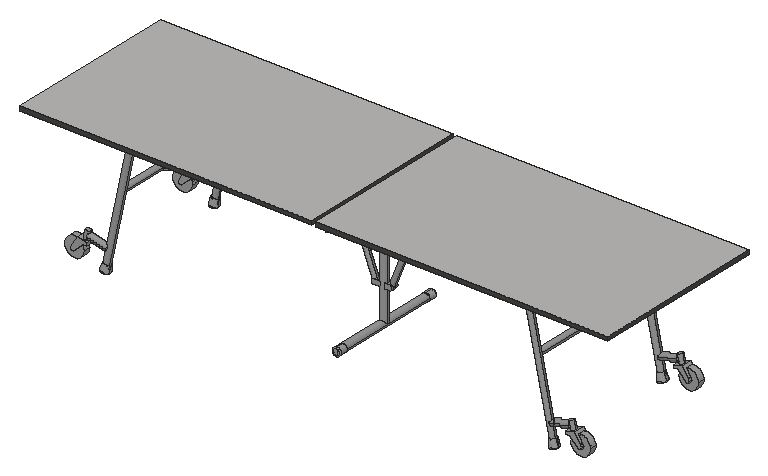
Revit family "23M Rect. 10 Long x 27 High", category Furniture, Revit 2016 (continued)
Automatic sketch dimensions
  plane 3 "Center Left/Right" to Extrusion 58 sketch curve = 4' - 4.13109"
  level to Extrusion 58 sketch curve = 0' - 3.19045"
  Extrusion 58 sketch curve to Extrusion 58 sketch curve = 0' - 0.0982"
  level to Extrusion 58 sketch curve = 0' - 2.37748"
  Extrusion 58 sketch curve to Extrusion 58 sketch curve = 0' - 0.1639"
  Extrusion 58 sketch curve to Extrusion 58 sketch curve = 0' - 0.19297"
  level to Extrusion 58 sketch curve = 0' - 2.3319"
  Extrusion 58 sketch curve to Extrusion 58 sketch curve = 0' - 0.30329"
  level to Extrusion 58 sketch curve = 0' - 5.18826"
  Extrusion 58 sketch curve to Extrusion 58 sketch curve = 0' - 1.14473"
  level to Extrusion 58 sketch curve = 0' - 4.11073"
  Extrusion 58 sketch curve to Extrusion 58 sketch curve = 0' - 1.13066"
  level to Extrusion 58 sketch curve = 0' - 4.04579"
  Extrusion 58 sketch curve to Extrusion 58 sketch curve = 0' - 0.72713"
  level to Extrusion 58 sketch curve = 0' - 4.64752"
  level to Extrusion 59 sketch curve = 0' - 2.82768"
  plane 3 "Center Left/Right" to Extrusion 59 sketch curve = 4' - 3.73769"
  level to Revolve 60 sketch curve = 0' - 0.51718"
  plane 3 "Center Left/Right" to Revolve 60 sketch curve = 3' - 10.75081"
  level to Revolve 60 sketch curve = 0' - 0.30744"
  Revolve 60 sketch curve to Revolve 60 sketch curve = 0' - 0.08686"
  Revolve 60 sketch curve to Revolve 60 sketch curve = 0' - 0.15789"
  level to Revolve 60 sketch curve = 0' - 1.92672"
  Revolve 60 sketch curve to Revolve 60 sketch curve = 0' - 0.51303"
  level to Revolve 60 sketch curve = 0' - 0.14419"  (x2)
  Revolve 60 sketch curve to Revolve 60 sketch curve = 0' - 0.69699"
  Revolve 60 sketch curve to Revolve 60 sketch curve = 0' - 0"  (x2)
  level to Revolve 60 sketch curve = 0' - 1.78014"
  plane 1 "Center Front/Back" to Extrusion 61 sketch curve = 1' - 1.83838"
  plane 1 "Center Front/Back" to Extrusion 62 sketch curve = 1' - 1.83838"
  plane 1 "Center Front/Back" to Extrusion 63 sketch curve = 1' - 1.83838"
  level to Extrusion 64 sketch curve = 0' - 2.60323"
  plane 3 "Center Left/Right" to Extrusion 64 sketch curve = 4' - 4.13109"
  level to Extrusion 64 sketch curve = 0' - 3.19045"
  Extrusion 64 sketch curve to Extrusion 64 sketch curve = 0' - 0.0982"
  level to Extrusion 64 sketch curve = 0' - 2.37748"
  Extrusion 64 sketch curve to Extrusion 64 sketch curve = 0' - 0.1639"
  Extrusion 64 sketch curve to Extrusion 64 sketch curve = 0' - 0.19297"
  level to Extrusion 64 sketch curve = 0' - 2.3319"
  Extrusion 64 sketch curve to Extrusion 64 sketch curve = 0' - 0.30329"
  level to Extrusion 64 sketch curve = 0' - 5.18826"
  Extrusion 64 sketch curve to Extrusion 64 sketch curve = 0' - 1.14473"
  level to Extrusion 64 sketch curve = 0' - 4.11073"
  Extrusion 64 sketch curve to Extrusion 64 sketch curve = 0' - 1.13066"
  level to Extrusion 64 sketch curve = 0' - 4.04579"
  Extrusion 64 sketch curve to Extrusion 64 sketch curve = 0' - 0.72713"
  level to Extrusion 64 sketch curve = 0' - 4.64752"
  level to Extrusion 65 sketch curve = 0' - 2.82768"
  plane 3 "Center Left/Right" to Extrusion 65 sketch curve = 4' - 3.73769"
  level to Revolve 66 sketch curve = 0' - 0.51718"
  plane 3 "Center Left/Right" to Revolve 66 sketch curve = 3' - 10.75081"
  level to Revolve 66 sketch curve = 0' - 0.30744"
  Revolve 66 sketch curve to Revolve 66 sketch curve = 0' - 0.08686"
  Revolve 66 sketch curve to Revolve 66 sketch curve = 0' - 0.15789"
  level to Revolve 66 sketch curve = 0' - 1.92672"
  Revolve 66 sketch curve to Revolve 66 sketch curve = 0' - 0.51303"
  level to Revolve 66 sketch curve = 0' - 0.14419"  (x2)
  Revolve 66 sketch curve to Revolve 66 sketch curve = 0' - 0.69699"
  Revolve 66 sketch curve to Revolve 66 sketch curve = 0' - 0"  (x2)
  level to Revolve 66 sketch curve = 0' - 1.78014"
  level to Extrusion 67 sketch curve = 1' - 4.22033"
  plane 3 "Center Left/Right" to Extrusion 67 sketch curve = 3' - 6.48052"
  plane 1 "Center Front/Back" to Extrusion 68 sketch curve = 0' - 0"
  level to Extrusion 69 sketch curve = 1' - 4.7963"
  plane 3 "Center Left/Right" to Extrusion 69 sketch curve = 3' - 6.23788"
  level to Extrusion 69 sketch curve = 1' - 3.82905"
  Extrusion 69 sketch curve to Extrusion 69 sketch curve = 0' - 0.25918"
  level to Extrusion 69 sketch curve = 1' - 5.39924"
  Extrusion 69 sketch curve to Extrusion 69 sketch curve = 0' - 1.85497"
  Extrusion 69 sketch curve to Extrusion 69 sketch curve = 0' - 0.15456"  (x2)
  level to Extrusion 69 sketch curve = 1' - 4.44822"
  plane 3 "Center Left/Right" to Sweep 70 sketch curve = 2' - 6.42494"
  Sweep 70 sketch curve to Sweep 70 sketch curve = 0' - 0.75675"
  Sweep 70 sketch curve to Sweep 70 sketch curve = 0' - 1.1442"
  level to Sweep 70 sketch curve = 1' - 6.19526"
  Sweep 70 sketch curve to Sweep 70 sketch curve = 0' - 2.77323"
  level to Sweep 70 sketch curve = 1' - 4.75973"
  Sweep 70 sketch curve to Sweep 70 sketch curve = 0' - 10.2009"
  plane 3 "Center Left/Right" to Sweep 70 sketch curve = 0' - 1.24287"
  level to Sweep 70 sketch curve = 2' - 0.87225"
  Sweep 70 sketch curve to profile plane = 0' - 0"
  Sweep 70 sketch curve to profile plane = 0' - 0.00202"
  Extrusion 71 sketch curve to plane 1 "Center Front/Back" = 1' - 2.4397"
  Extrusion 71 sketch curve to Extrusion 71 sketch curve = 0' - 0"  (x4)
  Extrusion 71 sketch curve to plane 1 "Center Front/Back" = 0' - 2.8156"
  Extrusion 71 sketch curve to Extrusion 71 sketch curve = 2' - 10 3/4"
  plane 1 "Center Front/Back" to Extrusion 71 sketch curve = 0' - 2.6994"
  Extrusion 71 sketch curve to Extrusion 71 sketch curve = 0' - 10 1/4"  (x2)
  Extrusion 71 sketch curve to Extrusion 71 sketch curve = 0' - 0 1/8"  (x4)
  Extrusion 71 sketch curve to Extrusion 71 sketch curve = 0' - 11.7403"
  Extrusion 72 sketch curve to plane 3 "Center Left/Right" = 0' - 0"
  plane 3 "Center Left/Right" to Extrusion 72 sketch curve = 0' - 0.76362"
  level to Extrusion 72 sketch curve = 5' - 3.80555"
  Extrusion 72 sketch curve to Extrusion 72 sketch curve = 0' - 0.53109"
  Extrusion 72 sketch curve to Extrusion 72 sketch curve = 0' - 1.2141"
  Extrusion 72 sketch curve to Extrusion 72 sketch curve = 0' - 1.37051"
  Extrusion 72 sketch curve to Extrusion 72 sketch curve = 0' - 0 5/16"  (x2)
  Extrusion 72 sketch curve to Extrusion 72 sketch curve = 0' - 0.54127"
  Extrusion 72 sketch curve to Extrusion 72 sketch curve = 0' - 1.04904"
  Extrusion 72 sketch curve to Extrusion 72 sketch curve = 0' - 0.70096"
  Extrusion 73 sketch curve to plane 3 "Center Left/Right" = 0' - 0"
  plane 3 "Center Left/Right" to Extrusion 73 sketch curve = 0' - 0.76362"
  level to Extrusion 73 sketch curve = 5' - 3.80555"
  Extrusion 73 sketch curve to Extrusion 73 sketch curve = 0' - 0.53109"
  Extrusion 73 sketch curve to Extrusion 73 sketch curve = 0' - 1.2141"
  Extrusion 73 sketch curve to Extrusion 73 sketch curve = 0' - 1.37051"
  Extrusion 73 sketch curve to Extrusion 73 sketch curve = 0' - 0 5/16"  (x2)
  Extrusion 73 sketch curve to Extrusion 73 sketch curve = 0' - 0.54127"
  Extrusion 73 sketch curve to Extrusion 73 sketch curve = 0' - 1.04904"
  Extrusion 73 sketch curve to Extrusion 73 sketch curve = 0' - 0.70096"
  plane 1 "Center Front/Back" to Extrusion 74 sketch curve = 0' - 0"
  Extrusion 75 sketch curve to plane 1 "Center Front/Back" = 1' - 1.83838"
  Extrusion 76 sketch curve to plane 1 "Center Front/Back" = 1' - 1.83838"
  Extrusion 77 sketch curve to plane 1 "Center Front/Back" = 1' - 1.83838"
  level to Extrusion 78 sketch curve = 0' - 1.77747"
  plane 3 "Center Left/Right" to Extrusion 78 sketch curve = 1' - 3.85128"
  Extrusion 78 sketch curve to Extrusion 78 sketch curve = 0' - 0.0982"
  Extrusion 78 sketch curve to Extrusion 78 sketch curve = 0' - 0.1639"
  Extrusion 78 sketch curve to Extrusion 78 sketch curve = 0' - 0.19297"
  Extrusion 78 sketch curve to Extrusion 78 sketch curve = 0' - 0.30329"
  Extrusion 78 sketch curve to Extrusion 78 sketch curve = 0' - 1.14473"
  Extrusion 78 sketch curve to Extrusion 78 sketch curve = 0' - 1.13066"
  Extrusion 78 sketch curve to Extrusion 78 sketch curve = 0' - 0.72713"
  Extrusion 78 sketch curve to Extrusion 78 sketch curve = 0' - 0.16116"
  Extrusion 78 sketch curve to Extrusion 78 sketch curve = 0' - 0.03227"
  Extrusion 78 sketch curve to Extrusion 78 sketch curve = 0' - 0.04557"
  Extrusion 78 sketch curve to Extrusion 78 sketch curve = 0' - 0.58722"
  Extrusion 78 sketch curve to Extrusion 78 sketch curve = 0' - 0.85534"
  Extrusion 78 sketch curve to Extrusion 78 sketch curve = 0' - 0.06493"
  Extrusion 78 sketch curve to Extrusion 78 sketch curve = 0' - 0.60173"
  level to Extrusion 79 sketch curve = 0' - 2.09664"
  plane 3 "Center Left/Right" to Extrusion 79 sketch curve = 1' - 3.52992"
  level to Revolve 80 sketch curve = 0' - 1.16476"
  plane 3 "Center Left/Right" to Revolve 80 sketch curve = 0' - 10.11337"
  Revolve 80 sketch curve to Revolve 80 sketch curve = 0' - 0.08686"
  Revolve 80 sketch curve to Revolve 80 sketch curve = 0' - 0.07104"
  Revolve 80 sketch curve to Revolve 80 sketch curve = 0' - 0.51303"
  Revolve 80 sketch curve to Revolve 80 sketch curve = 0' - 0.69699"
  Revolve 80 sketch curve to Revolve 80 sketch curve = 0' - 0.68958"
  Revolve 80 sketch curve to Revolve 80 sketch curve = 0' - 0.05747"
  Revolve 80 sketch curve to Revolve 80 sketch curve = 0' - 0.31552"
  Revolve 80 sketch curve to Revolve 80 sketch curve = 0' - 0"  (x4)
  plane 1 "Center Front/Back" to Extrusion 81 sketch curve = 1' - 1.83838"
  plane 1 "Center Front/Back" to Extrusion 82 sketch curve = 1' - 1.83838"
  plane 1 "Center Front/Back" to Extrusion 83 sketch curve = 1' - 1.83838"
  level to Extrusion 84 sketch curve = 0' - 1.77747"
  plane 3 "Center Left/Right" to Extrusion 84 sketch curve = 1' - 3.85128"
  Extrusion 84 sketch curve to Extrusion 84 sketch curve = 0' - 0.0982"
  Extrusion 84 sketch curve to Extrusion 84 sketch curve = 0' - 0.1639"
  Extrusion 84 sketch curve to Extrusion 84 sketch curve = 0' - 0.19297"
  Extrusion 84 sketch curve to Extrusion 84 sketch curve = 0' - 0.30329"
  Extrusion 84 sketch curve to Extrusion 84 sketch curve = 0' - 1.14473"
  Extrusion 84 sketch curve to Extrusion 84 sketch curve = 0' - 1.13066"
  Extrusion 84 sketch curve to Extrusion 84 sketch curve = 0' - 0.72713"
  Extrusion 84 sketch curve to Extrusion 84 sketch curve = 0' - 0.16116"
  Extrusion 84 sketch curve to Extrusion 84 sketch curve = 0' - 0.58722"
  Extrusion 84 sketch curve to Extrusion 84 sketch curve = 0' - 0.85534"
  Extrusion 84 sketch curve to Extrusion 84 sketch curve = 0' - 0.06493"
  Extrusion 84 sketch curve to Extrusion 84 sketch curve = 0' - 0.60173"
  Extrusion 84 sketch curve to Extrusion 84 sketch curve = 0' - 0.03227"
  Extrusion 84 sketch curve to Extrusion 84 sketch curve = 0' - 0.04557"
  level to Extrusion 85 sketch curve = 0' - 2.09664"
  plane 3 "Center Left/Right" to Extrusion 85 sketch curve = 1' - 3.52992"
  level to Revolve 86 sketch curve = 0' - 1.16476"
  plane 3 "Center Left/Right" to Revolve 86 sketch curve = 0' - 10.11337"
  Revolve 86 sketch curve to Revolve 86 sketch curve = 0' - 0.08686"
  Revolve 86 sketch curve to Revolve 86 sketch curve = 0' - 0.15789"
  Revolve 86 sketch curve to Revolve 86 sketch curve = 0' - 0.51303"
  Revolve 86 sketch curve to Revolve 86 sketch curve = 0' - 0.69699"
  Revolve 86 sketch curve to Revolve 86 sketch curve = 0' - 0.68958"
  Revolve 86 sketch curve to Revolve 86 sketch curve = 0' - 1.26296"
  Revolve 86 sketch curve to Revolve 86 sketch curve = 0' - 0.14658"
  Revolve 86 sketch curve to Revolve 86 sketch curve = 0' - 0"  (x4)
  plane 3 "Center Left/Right" to Extrusion 87 sketch curve = 0' - 10.08048"
  level to Extrusion 87 sketch curve = 1' - 5.43815"
  plane 3 "Center Left/Right" to Extrusion 88 sketch curve = 0' - 9.99623"
  level to Extrusion 88 sketch curve = 1' - 6.05744"
  Extrusion 88 sketch curve to Extrusion 88 sketch curve = 0' - 0.25918"
  Extrusion 88 sketch curve to Extrusion 88 sketch curve = 0' - 1.85497"
  Extrusion 88 sketch curve to Extrusion 88 sketch curve = 0' - 0.15456"  (x2)
  Extrusion 88 sketch curve to Extrusion 88 sketch curve = 0' - 0.34808"
  Extrusion 88 sketch curve to Extrusion 88 sketch curve = 0' - 0.96726"
  Extrusion 88 sketch curve to Extrusion 88 sketch curve = 0' - 0.47551"
  plane 3 "Center Left/Right" to Sweep 89 sketch curve = 0' - 7.79998"
  Sweep 89 sketch curve to Sweep 89 sketch curve = 0' - 0.12422"
  Sweep 89 sketch curve to Sweep 89 sketch curve = 0' - 2.87457"
  level to Sweep 89 sketch curve = 2' - 5.13056"
  Sweep 89 sketch curve to Sweep 89 sketch curve = 0' - 0.08514"
  plane 3 "Center Left/Right" to Sweep 89 sketch curve = 0' - 8.11317"
  Sweep 89 sketch curve to plane 3 "Center Left/Right" = 0' - 1.7665"
  Sweep 89 sketch curve to Sweep 89 sketch curve = 0' - 11.03059"
  Sweep 89 sketch curve to Sweep 89 sketch curve = 2' - 7.62031"
  Sweep 89 sketch curve to profile plane = 0' - 0"
  profile plane to Sweep 89 sketch curve = 0' - 3.53405"
  plane 4 to Extrusion 1 sketch curve = 0' - 3.24988"
  Extrusion 1 sketch curve to plane 3 "Center Left/Right" = 0' - 0 3/8"
  plane 3 "Center Left/Right" to Extrusion 51 sketch curve = 5' - 0"
  plane 3 "Center Left/Right" to Extrusion 51 sketch curve = 0' - 0 3/8"
  Extrusion 90 sketch curve to Extrusion 90 sketch curve = 4' - 11 5/8"
  Extrusion 91 sketch curve to Extrusion 91 sketch curve = 4' - 11 5/8"
  radius of Extrusion 5 sketch curve = 0' - 0 5/8"
  radius of Extrusion 6 sketch curve = 0' - 0 1/2"
  radius of Extrusion 7 sketch curve = 0' - 0 5/8"
  radius of Extrusion 9 sketch curve = 0' - 2"
  radius of Extrusion 11 sketch curve = 0' - 0 5/8"
  radius of Extrusion 12 sketch curve = 0' - 0 1/2"
  radius of Extrusion 13 sketch curve = 0' - 0 5/8"
  radius of Extrusion 15 sketch curve = 0' - 2"
  radius of Extrusion 17 sketch curve = 0' - 0 5/8"
  radius of Extrusion 18 sketch curve = 0' - 0 3/4"
  radius of Extrusion 21 sketch curve = 0' - 0 3/4"
  radius of Extrusion 22 sketch curve = 0' - 0 1/2"
  radius of Sweep 25 sketch curve = 0' - 0 1/2"
  radius of Extrusion 26 sketch curve = 0' - 0 3/4"
  radius of Extrusion 30 sketch curve = 0' - 0 3/4"
  radius of Extrusion 33 sketch curve = 0' - 0 1/2"
  radius of Extrusion 35 sketch curve = 0' - 0 3/4"
  radius of Extrusion 36 sketch curve = 0' - 0 5/8"
  radius of Extrusion 37 sketch curve = 0' - 0 1/2"
  radius of Extrusion 38 sketch curve = 0' - 0 5/8"
  radius of Extrusion 40 sketch curve = 0' - 2"
  radius of Extrusion 42 sketch curve = 0' - 0 5/8"
  radius of Extrusion 43 sketch curve = 0' - 0 1/2"
  radius of Extrusion 44 sketch curve = 0' - 0 5/8"
  radius of Extrusion 46 sketch curve = 0' - 2"
  radius of Extrusion 48 sketch curve = 0' - 0 5/8"
  radius of Sweep 50 sketch curve = 0' - 0 1/2"
  radius of Extrusion 55 sketch curve = 0' - 0 5/8"
  radius of Extrusion 56 sketch curve = 0' - 0 1/2"
  radius of Extrusion 57 sketch curve = 0' - 0 5/8"
  radius of Extrusion 59 sketch curve = 0' - 2"
  radius of Extrusion 61 sketch curve = 0' - 0 5/8"
  radius of Extrusion 62 sketch curve = 0' - 0 1/2"
  radius of Extrusion 63 sketch curve = 0' - 0 5/8"
  radius of Extrusion 65 sketch curve = 0' - 2"
  radius of Extrusion 67 sketch curve = 0' - 0 5/8"
  radius of Extrusion 68 sketch curve = 0' - 0 1/2"
  radius of Sweep 70 sketch curve = 0' - 0 1/2"
  radius of Extrusion 74 sketch curve = 0' - 0 1/2"
  radius of Extrusion 75 sketch curve = 0' - 0 5/8"
  radius of Extrusion 76 sketch curve = 0' - 0 1/2"
  radius of Extrusion 77 sketch curve = 0' - 0 5/8"
  radius of Extrusion 79 sketch curve = 0' - 2"
  radius of Extrusion 81 sketch curve = 0' - 0 5/8"
  radius of Extrusion 82 sketch curve = 0' - 0 1/2"
  radius of Extrusion 83 sketch curve = 0' - 0 5/8"
  radius of Extrusion 85 sketch curve = 0' - 2"
  radius of Extrusion 87 sketch curve = 0' - 0 5/8"
  radius of Sweep 89 sketch curve = 0' - 0 1/2"
Types (3): name | Width | Model
  (no name) | 3' - 0" | "23M15273610"
  23M15273010 | 2' - 6" | "23M15273010"
  23M15273610 | 3' - 0" | "23M15273610"
